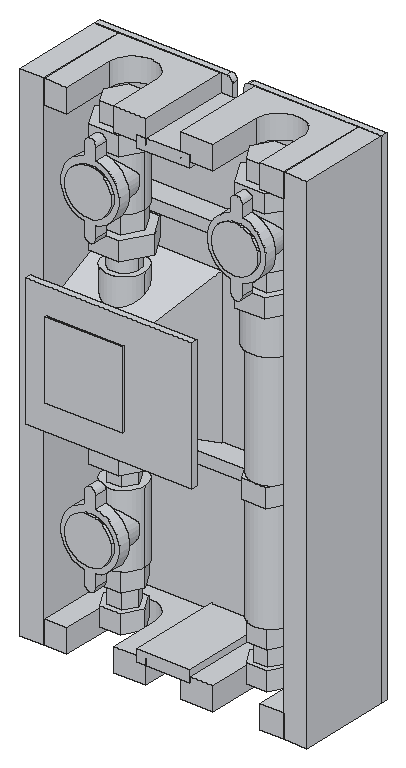
Revit family "330_8a6c91d07f81446b859301ba4aecb0", category Mechanical Equipment, Revit 2022
Family settings
  Round Connector Dimension = Use Diameter
  Classification = None
  Part Type = Normal
  Work Plane-Based = No
  Always vertical = Yes
  Cut with Voids When Loaded = No
  Maintain Annotation Orientation = No
  Shared = No
  Room Calculation Point = No
Parameters (values of type "2171 1180EA")
  magiProductId = "8a6c91d07f81446b859301ba4aecb0"
  magiProductFamilyId = "8a6c91d07f81446b859301ba4aecb0"
  magiPartTypeId = 330
  XC = 62.5 mm
  WL = 225 mm
  W2L__ve = -W2L  # -80 mm
  W2L = 80 mm
  W2 = 85 mm
  W = 170 mm
  VersionID = "2.0/2019.5.23.1/FAR_2171_001"
  R25 = 25.5 mm
  R2 = 12.5 mm
  R15 = 17.5 mm
  R13 = 20.5 mm
  R1 = 12.5 mm
  QmdConnectorList = "301;P2;302;P2;303;P1;304;P1"
  Productdata [instance] = "© MagiCAD Group, all rights reserved"
  PL = 48.571 mm
  P2 = 25 mm
  P1 = 25 mm
  Manufacturer = "FAR"
  MC Shunt Valve Configuration = 0
  MC Shunt Control Valve Location = 0
  MC Product Code = "2171 1180EA"
  MC Primary Sizing Flow [instance] = 0.0 L/s
  MC Primary Given Pressure Drop [instance] = 0.0 Pa
  MC Piping Secondary Pressure Drop [instance] = 0.0 Pa
  MC Piping Secondary Flow [instance] = 0.0 L/s
  MC Piping Flow [instance] = 0.0 L/s
  MC Control Valve kv [instance] = 0
  MC Control Valve Pressure Drop [instance] = 0.0 Pa
  MC Balancing Valve kv [instance] = 0
  MC Balancing Valve Pressure Drop [instance] = 0.0 Pa
  MC Adjustable Valve kv for min dp [instance] = 0
  MC Adjustable Valve kv for max dp [instance] = 0
  MC Adjustable Valve Min Pressure Drop [instance] = 0.0 Pa
  MC Adjustable Valve Max Pressure Drop [instance] = 0.0 Pa
  LH92 = 24.111 mm
  LH9 = 48.222 mm
  LH62 = 31 mm
  LH61 = 94 mm
  LH6 = 62 mm
  LH48 = 141.778 mm
  LH44 = 111.778 mm
  LH42 = 65.889 mm
  LH4 = 131.778 mm
  L5 = 5 mm
  L45 = 45 mm
  L30 = 32 mm
  L22__ve = -L22  # -5 mm
  L222__ve = -L222  # -2 mm
  L222 = 2 mm
  L22 = 5 mm
  L20__ve = -L20  # -20 mm
  L20 = 20 mm
  L2 = 122.5 mm
  L15 = 16 mm
  L10__ve = -L10  # -10 mm
  L10 = 10 mm
  L = 245 mm
  KH = 15 mm
  H2 = 217 mm
  H = 434 mm
  Description = "Booster unit, high eff. pump 1-8 m, shut-off valves, 180 mm"
  Default Elevation = 0 mm
  CenSd_R25_6 = R25 * cos(30.00°)  # 22.084 mm
  CenSd_R1_6 = R1 * cos(30.00°)  # 10.825 mm
  CenSd_R15_6 = R15 * cos(30.00°)  # 15.155 mm
  CenSd_R13_6 = R13 * cos(30.00°)  # 17.754 mm
  CAT0 = yes
  CAT = no
Reference planes
  plane 1 "Center (Front/Back)": y = 0
  plane 2 "XYPLANE": z = 0
  plane 3 "Center (Left/Right)": x = 0
  plane 4 "360": z = 201
  plane 5 "359": z = 56.778
  plane 6 "358": y = -85
  plane 7 "350": z = -70
  plane 8 "347": z = 109.778
  plane 9 "342": x = 15
  plane 10 "341": x = 82.5
  plane 11 "340": x = 42.5
  plane 12 "339": x = 102.5
  plane 13 "331": y = -40
  plane 14 "330": y = -5
  plane 15 "329": y = -85
  plane 16 "328": x = -82.5
  plane 17 "327": x = -42.5
  plane 18 "326": x = -15
  plane 19 "325": x = -102.5
  plane 20 "323": x = 112.5
  plane 21 "319": y = -5
  plane 22 "318": x = -112.5
  plane 23 "315": z = -157
  plane 24 "314": z = -147
  plane 25 "313": z = -87
  plane 26 "312": z = -97
  plane 27 "311": z = -122
  plane 28 "304": x = 57.5
  plane 29 "303": x = 67.5
  plane 30 "296": y = -85
  plane 31 "290": z = 109.889
  plane 32 "289": z = 179.889
  plane 33 "288": z = 144.889
  plane 34 "287": x = -67.5
  plane 35 "286": x = -57.5
  plane 36 "285": z = 119.889
  plane 37 "284": z = 169.889
  plane 38 "281": y = -90
  plane 39 "277": x = -42.5
  plane 40 "274": y = -75
  plane 41 "272": z = 6.889
  plane 42 "271": y = -15
  plane 43 "243": z = 88.778
  plane 44 "240": z = 185
  plane 45 "239": z = 169
  plane 46 "238": z = 120.778
  plane 47 "231": z = 104.778
  plane 48 "228": z = 72.778
  plane 49 "225": z = -59
  plane 50 "222": z = -75
  plane 51 "219": z = -153
  plane 52 "216": z = -91
  plane 53 "215": z = -169
  plane 54 "210": z = -185
  plane 55 "207": z = -201
  plane 56 "202": x = -5
  plane 57 "201": x = 5
  plane 58 "200": x = 122.5
  plane 59 "199": z = -197
  plane 60 "198": z = 197
  plane 61 "126": y = -48.571
  plane 62 "121": x = 62.5
  plane 63 "116": x = -62.5
  plane 64 "84": z = -217
  plane 65 "83": z = 217
  plane 66 "82": x = -122.5
  plane 67 "43": y = 0
  plane 68 "42": x = 0
  plane 69 "41": z = 0
Forms (mm)
  Extrusion 1, solid
    sketch origin (750, -5, 0) x (-1, 0, 0) y (0, 0, 1)
      loop
        line (727.5, -192) -> (727.5, -202) -> (772.5, -202) -> (772.5, -192) -> (727.5, -192)
    from 0 to -80 <- "W2L__ve"
  Extrusion 2, solid
    sketch origin (750, -5, 0) x (-1, 0, 0) y (0, 0, 1)
      loop
        line (727.5, 202) -> (727.5, 192) -> (772.5, 192) -> (772.5, 202) -> (727.5, 202)
    from 0 to -80 <- "W2L__ve"
  Extrusion 3, solid
    sketch origin (750, -5, 0) x (-1, 0, 0) y (0, 0, 1)
      loop
        line (862.5, -65) -> (637.5, -65) -> (637.5, -75) -> (862.5, -75) -> (862.5, -65)
    from 0 to -20 <- "L20__ve"
  Extrusion 4, solid
    sketch origin (750, -5, 0) x (-1, 0, 0) y (0, 0, 1)
      loop
        line (862.5, 114.778) -> (637.5, 114.778) -> (637.5, 104.778) -> (862.5, 104.778) -> (862.5, 114.778)
    from 0 to -20 <- "L20__ve"
  Extrusion 5, solid
    sketch origin (-750, 0, -217) x (1, 0, 0) y (0, 1, 0)
      loop
        line (765, -5) -> (765, -85) -> (792.5, -85) -> (792.5, -40)
        arc (792.5, -40) -> (812.5, -20) -> (832.5, -40) r 20
        line (832.5, -40) -> (832.5, -85) -> (852.5, -85) -> (852.5, -5) -> (765, -5)
    from 0 to 20 <- "L20"
  Extrusion 6, solid
    sketch origin (-750, 0, 217) x (1, 0, 0) y (0, 1, 0)
      loop
        line (765, -5) -> (765, -85) -> (792.5, -85) -> (792.5, -40)
        arc (792.5, -40) -> (812.5, -20) -> (832.5, -40) r 20
        line (832.5, -40) -> (832.5, -85) -> (852.5, -85) -> (852.5, -5) -> (765, -5)
    from 0 to -20 <- "L20__ve"
  Extrusion 7, solid
    sketch origin (-750, 0, -217) x (1, 0, 0) y (0, 1, 0)
      loop
        line (647.5, -5) -> (647.5, -85) -> (667.5, -85) -> (667.5, -40)
        arc (667.5, -40) -> (687.5, -20) -> (707.5, -40) r 20
        line (707.5, -40) -> (707.5, -85) -> (735, -85) -> (735, -5) -> (647.5, -5)
    from 0 to 20 <- "L20"
  Extrusion 8, solid
    sketch origin (-750, 0, 217) x (1, 0, 0) y (0, 1, 0)
      loop
        line (647.5, -5) -> (647.5, -85) -> (667.5, -85) -> (667.5, -40)
        arc (667.5, -40) -> (687.5, -20) -> (707.5, -40) r 20
        line (707.5, -40) -> (707.5, -85) -> (735, -85) -> (735, -5) -> (647.5, -5)
    from 0 to -20 <- "L20__ve"
  Extrusion 9, solid
    sketch origin (750, -5, 0) x (-1, 0, 0) y (0, 0, 1)
      loop
        line (627.5, 217) -> (627.5, -217) -> (647.5, -217) -> (647.5, 217) -> (627.5, 217)
    from 0 to -80 <- "W2L__ve"
  Extrusion 10, solid
    sketch origin (750, -5, 0) x (-1, 0, 0) y (0, 0, 1)
      loop
        line (852.5, 217) -> (852.5, -217) -> (872.5, -217) -> (872.5, 217) -> (852.5, 217)
    from 0 to -80 <- "W2L__ve"
  Extrusion 11, solid
    sketch origin (750, -75, 0) x (-1, 0, 0) y (0, 0, 1)
      loop
        line (817.5, -157) -> (817.5, -147)
        arc (817.5, -147) -> (837.5, -122) -> (817.5, -97) r 25.625
        line (817.5, -97) -> (817.5, -87)
        arc (817.5, -87) -> (812.5, -82) -> (807.5, -87) r 5
        line (807.5, -87) -> (807.5, -97)
        arc (807.5, -97) -> (787.5, -122) -> (807.5, -147) r 25.625
        line (807.5, -147) -> (807.5, -157)
        arc (807.5, -157) -> (812.5, -162) -> (817.5, -157) r 5
    from 0 to -10 <- "L10__ve"
  Extrusion 12, solid
    sketch origin (750, -75, 0) x (-1, 0, 0) y (0, 0, 1)
      loop
        circle (812.5, -122) r 17.5
    from 0 to 20 <- "L20"
  Extrusion 13, solid
    sketch origin (750, -85, 0) x (-1, 0, 0) y (0, 0, 1)
      loop
        circle (812.5, -122) r 20
    from 0 to -2 <- "L222__ve"
  Extrusion 14, solid
    sketch origin (750, -75, 0) x (-1, 0, 0) y (0, 0, 1)
      loop
        line (692.5, 109.889) -> (692.5, 119.889)
        arc (692.5, 119.889) -> (712.5, 144.889) -> (692.5, 169.889) r 25.625
        line (692.5, 169.889) -> (692.5, 179.889)
        arc (692.5, 179.889) -> (687.5, 184.889) -> (682.5, 179.889) r 5
        line (682.5, 179.889) -> (682.5, 169.889)
        arc (682.5, 169.889) -> (662.5, 144.889) -> (682.5, 119.889) r 25.625
        line (682.5, 119.889) -> (682.5, 109.889)
        arc (682.5, 109.889) -> (687.5, 104.889) -> (692.5, 109.889) r 5
    from 0 to -10 <- "L10__ve"
  Extrusion 15, solid
    sketch origin (750, -75, 0) x (-1, 0, 0) y (0, 0, 1)
      loop
        circle (687.5, 144.889) r 17.5
    from 0 to 20 <- "L20"
  Extrusion 16, solid
    sketch origin (750, -85, 0) x (-1, 0, 0) y (0, 0, 1)
      loop
        circle (687.5, 144.889) r 20
    from 0 to -2 <- "L222__ve"
  Extrusion 17, solid
    sketch origin (750, -85, 0) x (-1, 0, 0) y (0, 0, 1)
      loop
        circle (812.5, 144.889) r 20
    from 0 to -2 <- "L222__ve"
  Extrusion 18, solid
    sketch origin (750, -75, 0) x (-1, 0, 0) y (0, 0, 1)
      loop
        circle (812.5, 144.889) r 17.5
    from 0 to 20 <- "L20"
  Extrusion 19, solid
    sketch origin (750, -75, 0) x (-1, 0, 0) y (0, 0, 1)
      loop
        line (817.5, 109.889) -> (817.5, 119.889)
        arc (817.5, 119.889) -> (837.5, 144.889) -> (817.5, 169.889) r 25.625
        line (817.5, 169.889) -> (817.5, 179.889)
        arc (817.5, 179.889) -> (812.5, 184.889) -> (807.5, 179.889) r 5
        line (807.5, 179.889) -> (807.5, 169.889)
        arc (807.5, 169.889) -> (787.5, 144.889) -> (807.5, 119.889) r 25.625
        line (807.5, 119.889) -> (807.5, 109.889)
        arc (807.5, 109.889) -> (812.5, 104.889) -> (817.5, 109.889) r 5
    from 0 to -10 <- "L10__ve"
  Extrusion 20, solid
    sketch origin (750, -90, 0) x (-1, 0, 0) y (0, 0, 1)
      loop
        line (779.556, 39.833) -> (779.556, -26.056) -> (845.444, -26.056) -> (845.444, 39.833) -> (779.556, 39.833)
    from 0 to -2
  Extrusion 21, solid
    sketch origin (750, -85, 0) x (-1, 0, 0) y (0, 0, 1)
      loop
        line (721.611, 62.778) -> (721.611, -49) -> (863.389, -49) -> (863.389, 62.778) -> (721.611, 62.778)
    from 0 to -5 <- "L22__ve"
  Blend 22, solid
    base sketch origin (750, -15, 0) x (-1, 0, 0) y (0, 0, 1)
      loop
        line (756.611, 72.778) -> (756.611, -59) -> (868.389, -59) -> (868.389, 72.778) -> (756.611, 72.778)
    top sketch origin (750, -15, 0) x (-1, 0, 0) y (0, 0, 1)
      loop
        line (779.556, 39.833) -> (779.556, -26.056) -> (845.444, -26.056) -> (845.444, 39.833) -> (779.556, 39.833)
    from 0 to -70
  Extrusion 23, solid
    sketch origin (-750, 0, -201) x (1, 0, 0) y (0, 1, 0)
      loop
        line (830, -48.571) -> (821.25, -33.416) -> (803.75, -33.416) -> (795, -48.571) -> (803.75, -63.727) -> (821.25, -63.727) -> (830, -48.571)
    from 0 to 16 <- "L15"
  Extrusion 24, solid
    sketch origin (-750, 0, -185) x (1, 0, 0) y (0, 1, 0)
      loop
        line (825, -48.571) -> (818.75, -37.746) -> (806.25, -37.746) -> (800, -48.571) -> (806.25, -59.397) -> (818.75, -59.397) -> (825, -48.571)
    from 0 to 16 <- "L15"
  Extrusion 25, solid
    sketch origin (-750, 0, -169) x (1, 0, 0) y (0, 1, 0)
      loop
        line (830, -48.571) -> (821.25, -33.416) -> (803.75, -33.416) -> (795, -48.571) -> (803.75, -63.727) -> (821.25, -63.727) -> (830, -48.571)
    from 0 to 16 <- "L15"
  Extrusion 26, solid
    sketch origin (-750, 0, -153) x (1, 0, 0) y (0, 1, 0)
      loop
        circle (812.5, -48.571) r 17.5
    from 0 to 94 <- "LH61"
  Extrusion 27, solid
    sketch origin (-750, 0, -59) x (1, 0, 0) y (0, 1, 0)
      loop
        line (833, -48.571) -> (822.75, -30.818) -> (802.25, -30.818) -> (792, -48.571) -> (802.25, -66.325) -> (822.75, -66.325) -> (833, -48.571)
    from 0 to 16 <- "L15"
  Extrusion 28, solid
    sketch origin (-750, 0, -59) x (1, 0, 0) y (0, 1, 0)
      loop
        circle (812.5, -48.571) r 17.5
    from 0 to 131.778 <- "LH4"
  Extrusion 29, solid
    sketch origin (-750, 0, 88.778) x (1, 0, 0) y (0, 1, 0)
      loop
        line (838, -48.571) -> (825.25, -26.488) -> (799.75, -26.488) -> (787, -48.571) -> (799.75, -70.655) -> (825.25, -70.655) -> (838, -48.571)
    from 0 to 16 <- "L15"
  Extrusion 30, solid
    sketch origin (-750, 0, 104.778) x (1, 0, 0) y (0, 1, 0)
      loop
        line (830, -48.571) -> (821.25, -33.416) -> (803.75, -33.416) -> (795, -48.571) -> (803.75, -63.727) -> (821.25, -63.727) -> (830, -48.571)
    from 0 to 16 <- "L15"
  Extrusion 31, solid
    sketch origin (-750, 0, 185) x (1, 0, 0) y (0, 1, 0)
      loop
        line (830, -48.571) -> (821.25, -33.416) -> (803.75, -33.416) -> (795, -48.571) -> (803.75, -63.727) -> (821.25, -63.727) -> (830, -48.571)
    from 0 to 16 <- "L15"
  Extrusion 32, solid
    sketch origin (-750, 0, 169) x (1, 0, 0) y (0, 1, 0)
      loop
        line (838, -48.571) -> (825.25, -26.488) -> (799.75, -26.488) -> (787, -48.571) -> (799.75, -70.655) -> (825.25, -70.655) -> (838, -48.571)
    from 0 to 16 <- "L15"
  Extrusion 33, solid
    sketch origin (-750, 0, 120.778) x (1, 0, 0) y (0, 1, 0)
      loop
        circle (812.5, -48.571) r 17.5
    from 0 to 48.222 <- "LH9"
  Extrusion 34, solid
    sketch origin (-750, 0, 56.778) x (1, 0, 0) y (0, 1, 0)
      loop
        circle (812.5, -48.571) r 20.5
    from 0 to 32 <- "L30"
  Extrusion 35, solid
    sketch origin (-750, 0, 72.778) x (1, 0, 0) y (0, 1, 0)
      loop
        circle (687.5, -48.571) r 12.5
    from 0 to 16 <- "L15"
  Extrusion 36, solid
    sketch origin (-750, 0, 120.778) x (1, 0, 0) y (0, 1, 0)
      loop
        circle (687.5, -48.571) r 17.5
    from 0 to 48.222 <- "LH9"
  Extrusion 37, solid
    sketch origin (-750, 0, 169) x (1, 0, 0) y (0, 1, 0)
      loop
        line (713, -48.571) -> (700.25, -26.488) -> (674.75, -26.488) -> (662, -48.571) -> (674.75, -70.655) -> (700.25, -70.655) -> (713, -48.571)
    from 0 to 16 <- "L15"
  Extrusion 38, solid
    sketch origin (-750, 0, 185) x (1, 0, 0) y (0, 1, 0)
      loop
        line (705, -48.571) -> (696.25, -33.416) -> (678.75, -33.416) -> (670, -48.571) -> (678.75, -63.727) -> (696.25, -63.727) -> (705, -48.571)
    from 0 to 16 <- "L15"
  Extrusion 39, solid
    sketch origin (-750, 0, 104.778) x (1, 0, 0) y (0, 1, 0)
      loop
        line (705, -48.571) -> (696.25, -33.416) -> (678.75, -33.416) -> (670, -48.571) -> (678.75, -63.727) -> (696.25, -63.727) -> (705, -48.571)
    from 0 to 16 <- "L15"
  Extrusion 40, solid
    sketch origin (-750, 0, 88.778) x (1, 0, 0) y (0, 1, 0)
      loop
        line (713, -48.571) -> (700.25, -26.488) -> (674.75, -26.488) -> (662, -48.571) -> (674.75, -70.655) -> (700.25, -70.655) -> (713, -48.571)
    from 0 to 16 <- "L15"
  Extrusion 41, solid
    sketch origin (-750, 0, -59) x (1, 0, 0) y (0, 1, 0)
      loop
        circle (687.5, -48.571) r 17.5
    from 0 to 131.778 <- "LH4"
  Extrusion 42, solid
    sketch origin (-750, 0, -75) x (1, 0, 0) y (0, 1, 0)
      loop
        line (713, -48.571) -> (700.25, -26.488) -> (674.75, -26.488) -> (662, -48.571) -> (674.75, -70.655) -> (700.25, -70.655) -> (713, -48.571)
    from 0 to 16 <- "L15"
  Extrusion 43, solid
    sketch origin (-750, 0, -91) x (1, 0, 0) y (0, 1, 0)
      loop
        line (700, -48.571) -> (693.75, -37.746) -> (681.25, -37.746) -> (675, -48.571) -> (681.25, -59.397) -> (693.75, -59.397) -> (700, -48.571)
    from 0 to 16 <- "L15"
  Extrusion 44, solid
    sketch origin (-750, 0, -153) x (1, 0, 0) y (0, 1, 0)
      loop
        circle (687.5, -48.571) r 17.5
    from 0 to 62 <- "LH6"
  Extrusion 45, solid
    sketch origin (-750, 0, -169) x (1, 0, 0) y (0, 1, 0)
      loop
        line (705, -48.571) -> (696.25, -33.416) -> (678.75, -33.416) -> (670, -48.571) -> (678.75, -63.727) -> (696.25, -63.727) -> (705, -48.571)
    from 0 to 16 <- "L15"
  Extrusion 46, solid
    sketch origin (-750, 0, -185) x (1, 0, 0) y (0, 1, 0)
      loop
        line (700, -48.571) -> (693.75, -37.746) -> (681.25, -37.746) -> (675, -48.571) -> (681.25, -59.397) -> (693.75, -59.397) -> (700, -48.571)
    from 0 to 16 <- "L15"
  Extrusion 47, solid
    sketch origin (-750, 0, -201) x (1, 0, 0) y (0, 1, 0)
      loop
        line (705, -48.571) -> (696.25, -33.416) -> (678.75, -33.416) -> (670, -48.571) -> (678.75, -63.727) -> (696.25, -63.727) -> (705, -48.571)
    from 0 to 16 <- "L15"
  Extrusion 48, solid
    sketch origin (750, 0, 0) x (-1, 0, 0) y (0, 0, 1)
      loop
        line (872.5, 217) -> (760, 217)
        arc (760, 217) -> (756.464, 215.536) -> (755, 212) r 5
        line (755, 212) -> (755, 197) -> (745, 197) -> (745, 212)
        arc (745, 212) -> (743.536, 215.536) -> (740, 217) r 5
        line (740, 217) -> (627.5, 217) -> (627.5, -217) -> (740, -217)
        arc (740, -217) -> (743.536, -215.536) -> (745, -212) r 5
        line (745, -212) -> (745, -197) -> (755, -197) -> (755, -212)
        arc (755, -212) -> (756.464, -215.536) -> (760, -217) r 5
        line (760, -217) -> (872.5, -217) -> (872.5, 217)
    from 0 to -5 <- "L22__ve"
  Extrusion 49, solid, not visible
    sketch origin (-750, 0, -201) x (1, 0, 0) y (0, 1, 0)
      loop
        circle (812.5, -48.571) r 10
    from 0 to 10
  Extrusion 50, solid, not visible
    sketch origin (-750, 0, -201) x (1, 0, 0) y (0, 1, 0)
      loop
        circle (687.5, -48.571) r 10
    from 0 to 10
  Extrusion 51, solid, not visible
    sketch origin (-750, 0, 201) x (1, 0, 0) y (0, 1, 0)
      loop
        circle (812.5, -48.571) r 10
    from 0 to -10
  Extrusion 52, solid, not visible
    sketch origin (-750, 0, 201) x (1, 0, 0) y (0, 1, 0)
      loop
        circle (687.5, -48.571) r 10
    from 0 to -10
Lines and regions (mm)
  reference lines, not visible
    curve 1: circle (2, 2, 0) r 1 normal (0, 0, 1)
  reference lines
    curve 2: circle (0, -5, -197) r 1 normal (0, -1, 0)
    curve 3: circle (0, -5, 197) r 1 normal (0, -1, 0)
    curve 4: circle (0, -5, -70) r 1 normal (0, -1, 0)
    curve 5: circle (0, -5, 109.778) r 1 normal (0, -1, 0)
    curve 6: line (82.5, -40, -217) -> (42.5, -40, -217)
    curve 7: line (82.5, -40, 217) -> (42.5, -40, 217)
    curve 8: line (-42.5, -40, -217) -> (-82.5, -40, -217)
    curve 9: line (-42.5, -40, 217) -> (-82.5, -40, 217)
    curve 10: circle (112.5, -5, 0) r 1 normal (0, -1, 0)
    curve 11: circle (-112.5, -5, 0) r 1 normal (0, -1, 0)
    curve 12: line (-67.5, -75, -157) -> (-57.5, -75, -157)
    curve 13: line (-57.5, -75, -147) -> (-57.5, -75, -97)
    curve 14: line (-57.5, -75, -87) -> (-67.5, -75, -87)
    curve 15: line (-67.5, -75, -97) -> (-67.5, -75, -147)
    curve 16: line (57.5, -75, 109.889) -> (67.5, -75, 109.889)
    curve 17: line (67.5, -75, 119.889) -> (67.5, -75, 169.889)
    curve 18: line (67.5, -75, 179.889) -> (57.5, -75, 179.889)
    curve 19: line (57.5, -75, 169.889) -> (57.5, -75, 119.889)
    curve 20: line (-67.5, -75, 109.889) -> (-57.5, -75, 109.889)
    curve 21: line (-57.5, -75, 119.889) -> (-57.5, -75, 169.889)
    curve 22: line (-57.5, -75, 179.889) -> (-67.5, -75, 179.889)
    curve 23: line (-67.5, -75, 169.889) -> (-67.5, -75, 119.889)
    curve 24: circle (-62.5, -90, 6.889) r 1 normal (0, -1, 0)
    curve 25: circle (-42.5, -85, 6.889) r 1 normal (0, -1, 0)
    curve 26: circle (-62.5, -15, 6.889) r 1 normal (0, 1, 0)
    curve 27: circle (-62.5, -15, 6.889) r 1 normal (0, -1, 0)
    curve 28: line (62.5, -48.571, -201) -> (58.125, -40.994, -201)
    curve 29: line (62.5, -48.571, -201) -> (53.75, -48.571, -201)
    curve 30: line (62.5, -48.571, -201) -> (58.125, -56.149, -201)
    curve 31: line (62.5, -48.571, -185) -> (59.375, -43.159, -185)
    curve 32: line (62.5, -48.571, -185) -> (56.25, -48.571, -185)
    curve 33: line (62.5, -48.571, -185) -> (59.375, -53.984, -185)
    curve 34: line (62.5, -48.571, -169) -> (58.125, -40.994, -169)
    curve 35: line (62.5, -48.571, -169) -> (53.75, -48.571, -169)
    curve 36: line (62.5, -48.571, -169) -> (58.125, -56.149, -169)
    curve 37: line (62.5, -48.571, -59) -> (57.375, -39.695, -59)
    curve 38: line (62.5, -48.571, -59) -> (52.25, -48.571, -59)
    curve 39: line (62.5, -48.571, -59) -> (57.375, -57.448, -59)
    curve 40: line (62.5, -48.571, 88.778) -> (56.125, -37.53, 88.778)
    curve 41: line (62.5, -48.571, 88.778) -> (49.75, -48.571, 88.778)
    curve 42: line (62.5, -48.571, 88.778) -> (56.125, -59.613, 88.778)
    curve 43: line (62.5, -48.571, 104.778) -> (58.125, -40.994, 104.778)
    curve 44: line (62.5, -48.571, 104.778) -> (53.75, -48.571, 104.778)
    curve 45: line (62.5, -48.571, 104.778) -> (58.125, -56.149, 104.778)
    curve 46: line (62.5, -48.571, 185) -> (58.125, -40.994, 185)
    curve 47: line (62.5, -48.571, 185) -> (53.75, -48.571, 185)
    curve 48: line (62.5, -48.571, 185) -> (58.125, -56.149, 185)
    curve 49: line (62.5, -48.571, 169) -> (56.125, -37.53, 169)
    curve 50: line (62.5, -48.571, 169) -> (49.75, -48.571, 169)
    curve 51: line (62.5, -48.571, 169) -> (56.125, -59.613, 169)
    curve 52: line (-62.5, -48.571, 169) -> (-68.875, -37.53, 169)
    curve 53: line (-62.5, -48.571, 169) -> (-75.25, -48.571, 169)
    curve 54: line (-62.5, -48.571, 169) -> (-68.875, -59.613, 169)
    curve 55: line (-62.5, -48.571, 185) -> (-66.875, -40.994, 185)
    curve 56: line (-62.5, -48.571, 185) -> (-71.25, -48.571, 185)
    curve 57: line (-62.5, -48.571, 185) -> (-66.875, -56.149, 185)
    curve 58: line (-62.5, -48.571, 104.778) -> (-66.875, -40.994, 104.778)
    curve 59: line (-62.5, -48.571, 104.778) -> (-71.25, -48.571, 104.778)
    curve 60: line (-62.5, -48.571, 104.778) -> (-66.875, -56.149, 104.778)
    curve 61: line (-62.5, -48.571, 88.778) -> (-68.875, -37.53, 88.778)
    curve 62: line (-62.5, -48.571, 88.778) -> (-75.25, -48.571, 88.778)
    curve 63: line (-62.5, -48.571, 88.778) -> (-68.875, -59.613, 88.778)
    curve 64: line (-62.5, -48.571, -75) -> (-68.875, -37.53, -75)
    curve 65: line (-62.5, -48.571, -75) -> (-75.25, -48.571, -75)
    curve 66: line (-62.5, -48.571, -75) -> (-68.875, -59.613, -75)
    curve 67: line (-62.5, -48.571, -91) -> (-65.625, -43.159, -91)
    curve 68: line (-62.5, -48.571, -91) -> (-68.75, -48.571, -91)
    curve 69: line (-62.5, -48.571, -91) -> (-65.625, -53.984, -91)
    curve 70: line (-62.5, -48.571, -169) -> (-66.875, -40.994, -169)
    curve 71: line (-62.5, -48.571, -169) -> (-71.25, -48.571, -169)
    curve 72: line (-62.5, -48.571, -169) -> (-66.875, -56.149, -169)
    curve 73: line (-62.5, -48.571, -185) -> (-65.625, -43.159, -185)
    curve 74: line (-62.5, -48.571, -185) -> (-68.75, -48.571, -185)
    curve 75: line (-62.5, -48.571, -185) -> (-65.625, -53.984, -185)
    curve 76: line (-62.5, -48.571, -201) -> (-66.875, -40.994, -201)
    curve 77: line (-62.5, -48.571, -201) -> (-71.25, -48.571, -201)
    curve 78: line (-62.5, -48.571, -201) -> (-66.875, -56.149, -201)
Dimensions and locks
  plane 1 "Center (Front/Back)" to curve 1 = 2 mm
  "L15": plane 44 "240" to plane 4 "360"
  "L15": plane 48 "228" to plane 5 "359"
  locked: plane 42 "271" to plane 6 "358" at 70
  "L5": plane 50 "222" to plane 7 "350"
  "L5": plane 47 "231" to plane 8 "347"
  "L10": plane 57 "201" to plane 9 "342"
  "L20": plane 62 "121" to plane 10 "341"
  "L20": plane 62 "121" to plane 11 "340"
  "L10": plane 20 "323" to plane 12 "339"
  "L45": plane 15 "329" to plane 13 "331"
  "L22": plane 67 "43" to plane 14 "330"
  "W2L": plane 14 "330" to plane 15 "329"
  "L20": plane 63 "116" to plane 16 "328"
  "L20": plane 63 "116" to plane 17 "327"
  "L10": plane 56 "202" to plane 18 "326"
  "L10": plane 22 "318" to plane 19 "325"
  "L10": plane 58 "200" to plane 20 "323"
  "L22": plane 67 "43" to plane 21 "319"
  "L10": plane 66 "82" to plane 22 "318"
  locked: plane 24 "314" to plane 23 "315" at 10
  locked: plane 27 "311" to plane 24 "314" at 25
  locked: plane 26 "312" to plane 25 "313" at 10
  locked: plane 27 "311" to plane 26 "312" at 25
  "LH62": plane 51 "219" to plane 27 "311"
  locked: plane 62 "121" to plane 28 "304" at 5
  locked: plane 62 "121" to plane 29 "303" at 5
  "L10": plane 40 "274" to plane 30 "296"
  "L10": plane 36 "285" to plane 31 "290"
  locked: plane 37 "284" to plane 32 "289" at 10
  "LH92": plane 46 "238" to plane 33 "288"
  locked: plane 63 "116" to plane 34 "287" at 5
  locked: plane 63 "116" to plane 35 "286" at 5
  locked: plane 33 "288" to plane 36 "285" at 25
  locked: plane 33 "288" to plane 37 "284" at 25
  "L22": plane 6 "358" to plane 38 "281"
  locked: plane 63 "116" to plane 39 "277" at 20
  locked: plane 42 "271" to plane 40 "274" at 60
  "LH42": plane 49 "225" to plane 41 "272"
  locked: plane 1 "Center (Front/Back)" to plane 42 "271" at 15
  "L15": plane 48 "228" to plane 43 "243"
  "L15": plane 45 "239" to plane 44 "240"
  "LH9": plane 46 "238" to plane 45 "239"
  "L15": plane 47 "231" to plane 46 "238"
  "L15": plane 43 "243" to plane 47 "231"
  "LH4": plane 49 "225" to plane 48 "228"
  "L15": plane 50 "222" to plane 49 "225"
  "L15": plane 52 "216" to plane 50 "222"
  "L15": plane 53 "215" to plane 51 "219"
  "LH6": plane 51 "219" to plane 52 "216"
  "L15": plane 54 "210" to plane 53 "215"
  "L15": plane 55 "207" to plane 54 "210"
  "L15": plane 64 "84" to plane 55 "207"
  "L5": plane 3 "Center (Left/Right)" to plane 56 "202"
  "L5": plane 3 "Center (Left/Right)" to plane 57 "201"
  "L2": plane 3 "Center (Left/Right)" to plane 58 "200"
  locked: plane 64 "84" to plane 59 "199" at 20
  locked: plane 65 "83" to plane 60 "198" at 20
  "PL": plane 1 "Center (Front/Back)" to plane 61 "126"
  "XC": plane 3 "Center (Left/Right)" to plane 62 "121"
  "XC": plane 3 "Center (Left/Right)" to plane 63 "116"
  "H2": plane 2 "XYPLANE" to plane 64 "84"
  "H2": plane 2 "XYPLANE" to plane 65 "83"
  "L2": plane 3 "Center (Left/Right)" to plane 66 "82"
  locked: plane 1 "Center (Front/Back)" to plane 67 "43"
  locked: plane 3 "Center (Left/Right)" to plane 68 "42"
  locked: plane 2 "XYPLANE" to plane 69 "41"
  equal spacing: Extrusion 1 sketch curve, curve 2, Extrusion 1 sketch curve  (x2)
  "L10": Extrusion 1 sketch curve to Extrusion 1 sketch curve
  "L45": Extrusion 1 sketch curve to Extrusion 1 sketch curve
  Extrusion 1 sketch curve to Extrusion 1 sketch curve = 0 mm  (x8)
  equal spacing: Extrusion 2 sketch curve, curve 3, Extrusion 2 sketch curve  (x2)
  "L10": Extrusion 2 sketch curve to Extrusion 2 sketch curve
  "L45": Extrusion 2 sketch curve to Extrusion 2 sketch curve
  Extrusion 2 sketch curve to Extrusion 2 sketch curve = 0 mm  (x8)
  equal spacing: Extrusion 3 sketch curve, curve 4, Extrusion 3 sketch curve  (x2)
  "WL": Extrusion 3 sketch curve to Extrusion 3 sketch curve
  "L10": Extrusion 3 sketch curve to Extrusion 3 sketch curve
  Extrusion 3 sketch curve to Extrusion 3 sketch curve = 0 mm  (x8)
  equal spacing: Extrusion 4 sketch curve, curve 5, Extrusion 4 sketch curve  (x2)
  "WL": Extrusion 4 sketch curve to Extrusion 4 sketch curve
  "L10": Extrusion 4 sketch curve to Extrusion 4 sketch curve
  Extrusion 4 sketch curve to Extrusion 4 sketch curve = 0 mm  (x8)
  "L20": curve 6 to Extrusion 5 sketch curve
  Extrusion 5 sketch curve to Extrusion 5 sketch curve = 0 mm  (x16)
  "L20": curve 7 to Extrusion 6 sketch curve
  Extrusion 6 sketch curve to Extrusion 6 sketch curve = 0 mm  (x16)
  "L20": curve 8 to Extrusion 7 sketch curve
  Extrusion 7 sketch curve to Extrusion 7 sketch curve = 0 mm  (x16)
  "L20": curve 9 to Extrusion 8 sketch curve
  Extrusion 8 sketch curve to Extrusion 8 sketch curve = 0 mm  (x16)
  equal spacing: Extrusion 9 sketch curve, curve 10, Extrusion 9 sketch curve  (x2)
  "H": Extrusion 9 sketch curve to Extrusion 9 sketch curve
  "L20": Extrusion 9 sketch curve to Extrusion 9 sketch curve
  Extrusion 9 sketch curve to Extrusion 9 sketch curve = 0 mm  (x8)
  equal spacing: Extrusion 10 sketch curve, curve 11, Extrusion 10 sketch curve  (x2)
  "H": Extrusion 10 sketch curve to Extrusion 10 sketch curve
  "L20": Extrusion 10 sketch curve to Extrusion 10 sketch curve
  Extrusion 10 sketch curve to Extrusion 10 sketch curve = 0 mm  (x8)
  "L5": curve 12 to Extrusion 11 sketch curve
  "L20": curve 13 to Extrusion 11 sketch curve
  "L5": curve 14 to Extrusion 11 sketch curve
  "L20": curve 15 to Extrusion 11 sketch curve
  Extrusion 11 sketch curve to Extrusion 11 sketch curve = 0 mm  (x16)
  "L5": curve 16 to Extrusion 14 sketch curve
  "L20": curve 17 to Extrusion 14 sketch curve
  "L5": curve 18 to Extrusion 14 sketch curve
  "L20": curve 19 to Extrusion 14 sketch curve
  Extrusion 14 sketch curve to Extrusion 14 sketch curve = 0 mm  (x16)
  "L5": curve 20 to Extrusion 19 sketch curve
  "L20": curve 21 to Extrusion 19 sketch curve
  "L5": curve 22 to Extrusion 19 sketch curve
  "L20": curve 23 to Extrusion 19 sketch curve
  Extrusion 19 sketch curve to Extrusion 19 sketch curve = 0 mm  (x16)
  equal spacing: Extrusion 20 sketch curve, curve 24, Extrusion 20 sketch curve  (x2)
  "LH42": Extrusion 20 sketch curve to Extrusion 20 sketch curve  (x2)
  Extrusion 20 sketch curve to Extrusion 20 sketch curve = 0 mm  (x8)
  equal spacing: Extrusion 21 sketch curve, curve 25, Extrusion 21 sketch curve  (x2)
  "LH44": Extrusion 21 sketch curve to Extrusion 21 sketch curve
  "LH48": Extrusion 21 sketch curve to Extrusion 21 sketch curve
  Extrusion 21 sketch curve to Extrusion 21 sketch curve = 0 mm  (x8)
  equal spacing: Blend 22 sketch curve, curve 26, Blend 22 sketch curve  (x2)
  "LH42": Blend 22 sketch curve to Blend 22 sketch curve  (x2)
  Blend 22 sketch curve to Blend 22 sketch curve = 0 mm  (x16)
  equal spacing: Blend 22 sketch curve, curve 27, Blend 22 sketch curve  (x2)
  "LH4": Blend 22 sketch curve to Blend 22 sketch curve
  "LH44": Blend 22 sketch curve to Blend 22 sketch curve
  "CenSd_R15_6": curve 28 to Extrusion 23 sketch curve  (x2)
  "CenSd_R15_6": curve 29 to Extrusion 23 sketch curve  (x2)
  "CenSd_R15_6": curve 30 to Extrusion 23 sketch curve  (x2)
  Extrusion 23 sketch curve to Extrusion 23 sketch curve = 0 mm  (x12)
  "CenSd_R1_6": curve 31 to Extrusion 24 sketch curve  (x2)
  "CenSd_R1_6": curve 32 to Extrusion 24 sketch curve  (x2)
  "CenSd_R1_6": curve 33 to Extrusion 24 sketch curve  (x2)
  Extrusion 24 sketch curve to Extrusion 24 sketch curve = 0 mm  (x12)
  "CenSd_R15_6": curve 34 to Extrusion 25 sketch curve  (x2)
  "CenSd_R15_6": curve 35 to Extrusion 25 sketch curve  (x2)
  "CenSd_R15_6": curve 36 to Extrusion 25 sketch curve  (x2)
  Extrusion 25 sketch curve to Extrusion 25 sketch curve = 0 mm  (x12)
  "CenSd_R13_6": curve 37 to Extrusion 27 sketch curve  (x2)
  "CenSd_R13_6": curve 38 to Extrusion 27 sketch curve  (x2)
  "CenSd_R13_6": curve 39 to Extrusion 27 sketch curve  (x2)
  Extrusion 27 sketch curve to Extrusion 27 sketch curve = 0 mm  (x12)
  "CenSd_R25_6": curve 40 to Extrusion 29 sketch curve  (x2)
  "CenSd_R25_6": curve 41 to Extrusion 29 sketch curve  (x2)
  "CenSd_R25_6": curve 42 to Extrusion 29 sketch curve  (x2)
  Extrusion 29 sketch curve to Extrusion 29 sketch curve = 0 mm  (x12)
  "CenSd_R15_6": curve 43 to Extrusion 30 sketch curve  (x2)
  "CenSd_R15_6": curve 44 to Extrusion 30 sketch curve  (x2)
  "CenSd_R15_6": curve 45 to Extrusion 30 sketch curve  (x2)
  Extrusion 30 sketch curve to Extrusion 30 sketch curve = 0 mm  (x12)
  "CenSd_R15_6": curve 46 to Extrusion 31 sketch curve  (x2)
  "CenSd_R15_6": curve 47 to Extrusion 31 sketch curve  (x2)
  "CenSd_R15_6": curve 48 to Extrusion 31 sketch curve  (x2)
  Extrusion 31 sketch curve to Extrusion 31 sketch curve = 0 mm  (x12)
  "CenSd_R25_6": curve 49 to Extrusion 32 sketch curve  (x2)
  "CenSd_R25_6": curve 50 to Extrusion 32 sketch curve  (x2)
  "CenSd_R25_6": curve 51 to Extrusion 32 sketch curve  (x2)
  Extrusion 32 sketch curve to Extrusion 32 sketch curve = 0 mm  (x12)
  "CenSd_R25_6": curve 52 to Extrusion 37 sketch curve  (x2)
  "CenSd_R25_6": curve 53 to Extrusion 37 sketch curve  (x2)
  "CenSd_R25_6": curve 54 to Extrusion 37 sketch curve  (x2)
  Extrusion 37 sketch curve to Extrusion 37 sketch curve = 0 mm  (x12)
  "CenSd_R15_6": curve 55 to Extrusion 38 sketch curve  (x2)
  "CenSd_R15_6": curve 56 to Extrusion 38 sketch curve  (x2)
  "CenSd_R15_6": curve 57 to Extrusion 38 sketch curve  (x2)
  Extrusion 38 sketch curve to Extrusion 38 sketch curve = 0 mm  (x12)
  "CenSd_R15_6": curve 58 to Extrusion 39 sketch curve  (x2)
  "CenSd_R15_6": curve 59 to Extrusion 39 sketch curve  (x2)
  "CenSd_R15_6": curve 60 to Extrusion 39 sketch curve  (x2)
  Extrusion 39 sketch curve to Extrusion 39 sketch curve = 0 mm  (x12)
  "CenSd_R25_6": curve 61 to Extrusion 40 sketch curve  (x2)
  "CenSd_R25_6": curve 62 to Extrusion 40 sketch curve  (x2)
  "CenSd_R25_6": curve 63 to Extrusion 40 sketch curve  (x2)
  Extrusion 40 sketch curve to Extrusion 40 sketch curve = 0 mm  (x12)
  "CenSd_R25_6": curve 64 to Extrusion 42 sketch curve  (x2)
  "CenSd_R25_6": curve 65 to Extrusion 42 sketch curve  (x2)
  "CenSd_R25_6": curve 66 to Extrusion 42 sketch curve  (x2)
  Extrusion 42 sketch curve to Extrusion 42 sketch curve = 0 mm  (x12)
  "CenSd_R1_6": curve 67 to Extrusion 43 sketch curve  (x2)
  "CenSd_R1_6": curve 68 to Extrusion 43 sketch curve  (x2)
  "CenSd_R1_6": curve 69 to Extrusion 43 sketch curve  (x2)
  Extrusion 43 sketch curve to Extrusion 43 sketch curve = 0 mm  (x12)
  "CenSd_R15_6": curve 70 to Extrusion 45 sketch curve  (x2)
  "CenSd_R15_6": curve 71 to Extrusion 45 sketch curve  (x2)
  "CenSd_R15_6": curve 72 to Extrusion 45 sketch curve  (x2)
  Extrusion 45 sketch curve to Extrusion 45 sketch curve = 0 mm  (x12)
  "CenSd_R1_6": curve 73 to Extrusion 46 sketch curve  (x2)
  "CenSd_R1_6": curve 74 to Extrusion 46 sketch curve  (x2)
  "CenSd_R1_6": curve 75 to Extrusion 46 sketch curve  (x2)
  Extrusion 46 sketch curve to Extrusion 46 sketch curve = 0 mm  (x12)
  "CenSd_R15_6": curve 76 to Extrusion 47 sketch curve  (x2)
  "CenSd_R15_6": curve 77 to Extrusion 47 sketch curve  (x2)
  "CenSd_R15_6": curve 78 to Extrusion 47 sketch curve  (x2)
  Extrusion 47 sketch curve to Extrusion 47 sketch curve = 0 mm  (x12)
  Extrusion 48 sketch curve to Extrusion 48 sketch curve = 0 mm  (x32)
  "R15": radius of Extrusion 12 sketch curve
  "L20": radius of Extrusion 13 sketch curve
  "R15": radius of Extrusion 15 sketch curve
  "L20": radius of Extrusion 16 sketch curve
  "L20": radius of Extrusion 17 sketch curve
  "R15": radius of Extrusion 18 sketch curve
  "R15": radius of Extrusion 26 sketch curve
  "R15": radius of Extrusion 28 sketch curve
  "R15": radius of Extrusion 33 sketch curve
  "R13": radius of Extrusion 34 sketch curve
  "R1": radius of Extrusion 35 sketch curve
  "R15": radius of Extrusion 36 sketch curve
  "R15": radius of Extrusion 41 sketch curve
  "R15": radius of Extrusion 44 sketch curve
  "L5": radius of Extrusion 48 sketch curve  (x4)
  locked: curve 29 to curve 28 (angle 60.00°)
  locked: curve 30 to curve 29 (angle 60.00°)
  locked: curve 30 to curve 28 (angle 120.00°)
  locked: curve 32 to curve 31 (angle 60.00°)
  locked: curve 33 to curve 32 (angle 60.00°)
  locked: curve 33 to curve 31 (angle 120.00°)
  locked: curve 35 to curve 34 (angle 60.00°)
  locked: curve 36 to curve 35 (angle 60.00°)
  locked: curve 36 to curve 34 (angle 120.00°)
  locked: curve 38 to curve 37 (angle 60.00°)
  locked: curve 39 to curve 38 (angle 60.00°)
  locked: curve 39 to curve 37 (angle 120.00°)
  locked: curve 41 to curve 40 (angle 60.00°)
  locked: curve 42 to curve 41 (angle 60.00°)
  locked: curve 42 to curve 40 (angle 120.00°)
  locked: curve 44 to curve 43 (angle 60.00°)
  locked: curve 45 to curve 44 (angle 60.00°)
  locked: curve 45 to curve 43 (angle 120.00°)
  locked: curve 47 to curve 46 (angle 60.00°)
  locked: curve 48 to curve 47 (angle 60.00°)
  locked: curve 48 to curve 46 (angle 120.00°)
  locked: curve 50 to curve 49 (angle 60.00°)
  locked: curve 51 to curve 50 (angle 60.00°)
  locked: curve 51 to curve 49 (angle 120.00°)
  locked: curve 53 to curve 52 (angle 60.00°)
  locked: curve 54 to curve 53 (angle 60.00°)
  locked: curve 54 to curve 52 (angle 120.00°)
  locked: curve 56 to curve 55 (angle 60.00°)
  locked: curve 57 to curve 56 (angle 60.00°)
  locked: curve 57 to curve 55 (angle 120.00°)
  locked: curve 59 to curve 58 (angle 60.00°)
  locked: curve 60 to curve 59 (angle 60.00°)
  locked: curve 60 to curve 58 (angle 120.00°)
  locked: curve 62 to curve 61 (angle 60.00°)
  locked: curve 63 to curve 62 (angle 60.00°)
  locked: curve 63 to curve 61 (angle 120.00°)
  locked: curve 65 to curve 64 (angle 60.00°)
  locked: curve 66 to curve 65 (angle 60.00°)
  locked: curve 66 to curve 64 (angle 120.00°)
  locked: curve 68 to curve 67 (angle 60.00°)
  locked: curve 69 to curve 68 (angle 60.00°)
  locked: curve 69 to curve 67 (angle 120.00°)
  locked: curve 71 to curve 70 (angle 60.00°)
  locked: curve 72 to curve 71 (angle 60.00°)
  locked: curve 72 to curve 70 (angle 120.00°)
  locked: curve 74 to curve 73 (angle 60.00°)
  locked: curve 75 to curve 74 (angle 60.00°)
  locked: curve 75 to curve 73 (angle 120.00°)
  locked: curve 77 to curve 76 (angle 60.00°)
  locked: curve 78 to curve 77 (angle 60.00°)
  locked: curve 78 to curve 76 (angle 120.00°)
  aligned and locked: level to plane 2 "XYPLANE"
  aligned and locked: plane 59 "199" to curve 2
  aligned and locked: curve 2 to plane 68 "42"
  aligned and locked: plane 60 "198" to curve 3
  aligned and locked: plane 68 "42" to curve 3
  aligned and locked: plane 7 "350" to curve 4
  aligned and locked: curve 4 to plane 68 "42"
  aligned and locked: plane 8 "347" to curve 5
  aligned and locked: plane 68 "42" to curve 5
  aligned and locked: Extrusion 5 sketch curve to plane 14 "330"
  aligned and locked: plane 9 "342" to Extrusion 5 sketch curve  (x2)
  aligned and locked: Extrusion 5 sketch curve to plane 12 "339"
  aligned and locked: plane 14 "330" to Extrusion 5 sketch curve
  aligned and locked: plane 15 "329" to Extrusion 5 sketch curve  (x4)
  aligned and locked: plane 12 "339" to Extrusion 5 sketch curve
  aligned and locked: plane 10 "341" to Extrusion 5 sketch curve
  aligned and locked: plane 13 "331" to Extrusion 5 sketch curve  (x2)
  aligned and locked: plane 13 "331" to curve 6
  aligned and locked: plane 10 "341" to curve 6
  aligned and locked: plane 11 "340" to curve 6
  aligned and locked: Extrusion 5 sketch curve to plane 11 "340"
  aligned and locked: plane 11 "340" to Extrusion 5 sketch curve
  aligned and locked: Extrusion 6 sketch curve to plane 14 "330"
  aligned and locked: plane 9 "342" to Extrusion 6 sketch curve  (x2)
  aligned and locked: Extrusion 6 sketch curve to plane 12 "339"
  aligned and locked: plane 14 "330" to Extrusion 6 sketch curve
  aligned and locked: plane 15 "329" to Extrusion 6 sketch curve  (x4)
  aligned and locked: plane 12 "339" to Extrusion 6 sketch curve
  aligned and locked: plane 10 "341" to Extrusion 6 sketch curve
  aligned and locked: plane 13 "331" to Extrusion 6 sketch curve  (x2)
  aligned and locked: plane 13 "331" to curve 7
  aligned and locked: plane 10 "341" to curve 7
  aligned and locked: plane 11 "340" to curve 7
  aligned and locked: Extrusion 6 sketch curve to plane 11 "340"
  aligned and locked: plane 11 "340" to Extrusion 6 sketch curve
  aligned and locked: Extrusion 7 sketch curve to plane 14 "330"
  aligned and locked: plane 19 "325" to Extrusion 7 sketch curve  (x2)
  aligned and locked: Extrusion 7 sketch curve to plane 18 "326"
  aligned and locked: plane 14 "330" to Extrusion 7 sketch curve
  aligned and locked: plane 15 "329" to Extrusion 7 sketch curve  (x4)
  aligned and locked: plane 18 "326" to Extrusion 7 sketch curve
  aligned and locked: plane 17 "327" to Extrusion 7 sketch curve
  aligned and locked: plane 13 "331" to Extrusion 7 sketch curve  (x2)
  aligned and locked: plane 13 "331" to curve 8
  aligned and locked: plane 17 "327" to curve 8
  aligned and locked: plane 16 "328" to curve 8
  aligned and locked: Extrusion 7 sketch curve to plane 16 "328"
  aligned and locked: plane 16 "328" to Extrusion 7 sketch curve
  aligned and locked: Extrusion 8 sketch curve to plane 14 "330"
  aligned and locked: plane 19 "325" to Extrusion 8 sketch curve  (x2)
  aligned and locked: Extrusion 8 sketch curve to plane 18 "326"
  aligned and locked: plane 14 "330" to Extrusion 8 sketch curve
  aligned and locked: plane 15 "329" to Extrusion 8 sketch curve  (x4)
  aligned and locked: plane 18 "326" to Extrusion 8 sketch curve
  aligned and locked: plane 17 "327" to Extrusion 8 sketch curve
  aligned and locked: plane 13 "331" to Extrusion 8 sketch curve  (x2)
  aligned and locked: plane 13 "331" to curve 9
  aligned and locked: plane 17 "327" to curve 9
  aligned and locked: plane 16 "328" to curve 9
  aligned and locked: Extrusion 8 sketch curve to plane 16 "328"
  aligned and locked: plane 16 "328" to Extrusion 8 sketch curve
  aligned and locked: curve 10 to plane 20 "323"
  aligned and locked: plane 69 "41" to curve 10
  aligned and locked: curve 11 to plane 22 "318"
  aligned and locked: plane 69 "41" to curve 11
  aligned and locked: curve 12 to plane 23 "315"
  aligned and locked: curve 12 to plane 34 "287"
  aligned and locked: curve 12 to plane 35 "286"
  aligned and locked: Extrusion 11 sketch curve to plane 35 "286"  (x2)
  aligned and locked: plane 23 "315" to Extrusion 11 sketch curve  (x2)
  aligned and locked: plane 24 "314" to Extrusion 11 sketch curve  (x2)
  aligned and locked: curve 13 to plane 35 "286"
  aligned and locked: plane 24 "314" to curve 13
  aligned and locked: plane 26 "312" to curve 13
  aligned and locked: plane 26 "312" to Extrusion 11 sketch curve  (x2)
  aligned and locked: plane 25 "313" to Extrusion 11 sketch curve  (x2)
  aligned and locked: plane 25 "313" to curve 14
  aligned and locked: curve 14 to plane 35 "286"
  aligned and locked: curve 14 to plane 34 "287"
  aligned and locked: plane 34 "287" to Extrusion 11 sketch curve  (x2)
  aligned and locked: plane 34 "287" to curve 15
  aligned and locked: plane 26 "312" to curve 15
  aligned and locked: plane 24 "314" to curve 15
  aligned and locked: plane 27 "311" to Extrusion 12 sketch curve
  aligned and locked: Extrusion 12 sketch curve to plane 63 "116"
  aligned and locked: plane 27 "311" to Extrusion 13 sketch curve
  aligned and locked: Extrusion 13 sketch curve to plane 63 "116"
  aligned and locked: curve 16 to plane 31 "290"
  aligned and locked: plane 28 "304" to curve 16
  aligned and locked: plane 29 "303" to curve 16
  aligned and locked: plane 29 "303" to Extrusion 14 sketch curve  (x2)
  aligned and locked: plane 31 "290" to Extrusion 14 sketch curve  (x2)
  aligned and locked: plane 36 "285" to Extrusion 14 sketch curve  (x2)
  aligned and locked: plane 29 "303" to curve 17
  aligned and locked: plane 36 "285" to curve 17
  aligned and locked: plane 37 "284" to curve 17
  aligned and locked: plane 37 "284" to Extrusion 14 sketch curve  (x2)
  aligned and locked: plane 32 "289" to Extrusion 14 sketch curve  (x2)
  aligned and locked: plane 32 "289" to curve 18
  aligned and locked: plane 29 "303" to curve 18
  aligned and locked: plane 28 "304" to curve 18
  aligned and locked: Extrusion 14 sketch curve to plane 28 "304"  (x2)
  aligned and locked: curve 19 to plane 28 "304"
  aligned and locked: plane 37 "284" to curve 19
  aligned and locked: plane 36 "285" to curve 19
  aligned and locked: plane 33 "288" to Extrusion 15 sketch curve
  aligned and locked: plane 62 "121" to Extrusion 15 sketch curve
  aligned and locked: plane 33 "288" to Extrusion 16 sketch curve
  aligned and locked: plane 62 "121" to Extrusion 16 sketch curve
  aligned and locked: plane 33 "288" to Extrusion 17 sketch curve
  aligned and locked: plane 63 "116" to Extrusion 17 sketch curve
  aligned and locked: plane 33 "288" to Extrusion 18 sketch curve
  aligned and locked: plane 63 "116" to Extrusion 18 sketch curve
  aligned and locked: curve 20 to plane 31 "290"
  aligned and locked: plane 34 "287" to curve 20
  aligned and locked: plane 35 "286" to curve 20
  aligned and locked: plane 35 "286" to Extrusion 19 sketch curve  (x2)
  aligned and locked: plane 31 "290" to Extrusion 19 sketch curve  (x2)
  aligned and locked: plane 36 "285" to Extrusion 19 sketch curve  (x2)
  aligned and locked: plane 35 "286" to curve 21
  aligned and locked: plane 36 "285" to curve 21
  aligned and locked: plane 37 "284" to curve 21
  aligned and locked: plane 37 "284" to Extrusion 19 sketch curve  (x2)
  aligned and locked: plane 32 "289" to Extrusion 19 sketch curve  (x2)
  aligned and locked: plane 32 "289" to curve 22
  aligned and locked: plane 35 "286" to curve 22
  aligned and locked: plane 34 "287" to curve 22
  aligned and locked: Extrusion 19 sketch curve to plane 34 "287"  (x2)
  aligned and locked: curve 23 to plane 34 "287"
  aligned and locked: plane 37 "284" to curve 23
  aligned and locked: plane 36 "285" to curve 23
  aligned and locked: plane 41 "272" to curve 24
  aligned and locked: plane 63 "116" to curve 24
  aligned and locked: plane 39 "277" to curve 25
  aligned and locked: plane 41 "272" to curve 25
  aligned and locked: plane 41 "272" to curve 26
  aligned and locked: plane 63 "116" to curve 26
  aligned and locked: plane 41 "272" to curve 27
  aligned and locked: plane 63 "116" to curve 27
  aligned and locked: Blend 22 to plane 6 "358"
  aligned and locked: plane 61 "126" to curve 30
  aligned and locked: plane 62 "121" to curve 30
  aligned and locked: plane 61 "126" to curve 33
  aligned and locked: plane 62 "121" to curve 33
  aligned and locked: plane 61 "126" to curve 36
  aligned and locked: plane 62 "121" to curve 36
  aligned and locked: plane 61 "126" to Extrusion 26 sketch curve
  aligned and locked: plane 62 "121" to Extrusion 26 sketch curve
  aligned and locked: plane 61 "126" to curve 39
  aligned and locked: plane 62 "121" to curve 39
  aligned and locked: plane 61 "126" to Extrusion 28 sketch curve
  aligned and locked: plane 62 "121" to Extrusion 28 sketch curve
  aligned and locked: plane 61 "126" to curve 42
  aligned and locked: plane 62 "121" to curve 42
  aligned and locked: plane 61 "126" to curve 45
  aligned and locked: plane 62 "121" to curve 45
  aligned and locked: plane 61 "126" to curve 48
  aligned and locked: plane 62 "121" to curve 48
  aligned and locked: plane 61 "126" to curve 51
  aligned and locked: plane 62 "121" to curve 51
  aligned and locked: plane 61 "126" to Extrusion 33 sketch curve
  aligned and locked: plane 62 "121" to Extrusion 33 sketch curve
  aligned and locked: plane 61 "126" to Extrusion 34 sketch curve
  aligned and locked: plane 62 "121" to Extrusion 34 sketch curve
  aligned and locked: plane 61 "126" to Extrusion 35 sketch curve
  aligned and locked: plane 63 "116" to Extrusion 35 sketch curve
  aligned and locked: plane 61 "126" to Extrusion 36 sketch curve
  aligned and locked: plane 63 "116" to Extrusion 36 sketch curve
  aligned and locked: plane 61 "126" to curve 53
  aligned and locked: plane 63 "116" to curve 53
  aligned and locked: plane 61 "126" to curve 56
  aligned and locked: plane 63 "116" to curve 56
  aligned and locked: plane 61 "126" to curve 59
  aligned and locked: plane 63 "116" to curve 59
  aligned and locked: plane 61 "126" to curve 62
  aligned and locked: plane 63 "116" to curve 62
  aligned and locked: plane 61 "126" to Extrusion 41 sketch curve
  aligned and locked: plane 63 "116" to Extrusion 41 sketch curve
  aligned and locked: plane 61 "126" to curve 66
  aligned and locked: plane 63 "116" to curve 66
  aligned and locked: plane 61 "126" to curve 69
  aligned and locked: plane 63 "116" to curve 69
  aligned and locked: plane 61 "126" to Extrusion 44 sketch curve
  aligned and locked: plane 63 "116" to Extrusion 44 sketch curve
  aligned and locked: plane 61 "126" to curve 71
  aligned and locked: plane 63 "116" to curve 71
  aligned and locked: plane 61 "126" to curve 74
  aligned and locked: plane 63 "116" to curve 74
  aligned and locked: plane 61 "126" to curve 77
  aligned and locked: plane 63 "116" to curve 77
  aligned and locked: Extrusion 48 sketch curve to plane 65 "83"  (x2)
  aligned and locked: plane 66 "82" to Extrusion 48 sketch curve
  aligned and locked: Extrusion 48 sketch curve to plane 56 "202"  (x2)
  aligned and locked: plane 60 "198" to Extrusion 48 sketch curve  (x2)
  aligned and locked: plane 56 "202" to Extrusion 48 sketch curve
  aligned and locked: plane 57 "201" to Extrusion 48 sketch curve
  aligned and locked: plane 58 "200" to Extrusion 48 sketch curve
  aligned and locked: plane 65 "83" to Extrusion 48 sketch curve
  aligned and locked: plane 64 "84" to Extrusion 48 sketch curve  (x3)
  aligned and locked: Extrusion 48 sketch curve to plane 58 "200"
  aligned and locked: Extrusion 48 sketch curve to plane 57 "201"  (x2)
  aligned and locked: plane 59 "199" to Extrusion 48 sketch curve  (x2)
  aligned and locked: Extrusion 48 sketch curve to plane 66 "82"
  aligned and locked: plane 61 "126" to Extrusion 49 sketch curve
  aligned and locked: plane 62 "121" to Extrusion 49 sketch curve
  aligned and locked: plane 61 "126" to Extrusion 50 sketch curve
  aligned and locked: plane 63 "116" to Extrusion 50 sketch curve
  aligned and locked: plane 61 "126" to Extrusion 51 sketch curve
  aligned and locked: plane 62 "121" to Extrusion 51 sketch curve
  aligned and locked: plane 61 "126" to Extrusion 52 sketch curve
  aligned and locked: plane 63 "116" to Extrusion 52 sketch curve
Automatic sketch dimensions
  Extrusion 49 sketch curve to Extrusion 49 sketch curve = 10 mm
  Extrusion 50 sketch curve to Extrusion 50 sketch curve = 10 mm
  Extrusion 51 sketch curve to Extrusion 51 sketch curve = 10 mm
  Extrusion 52 sketch curve to Extrusion 52 sketch curve = 10 mm
  plane 3 "Center (Left/Right)" to curve 1 = 2 mm
  plane 9 "342" to Extrusion 1 sketch curve = 7.5 mm
  Extrusion 1 sketch curve to plane 55 "207" = 1 mm
  plane 4 "360" to Extrusion 2 sketch curve = 1 mm
  plane 9 "342" to Extrusion 2 sketch curve = 7.5 mm
  Extrusion 3 sketch curve to plane 20 "323" = 0 mm
  Extrusion 3 sketch curve to plane 50 "222" = 0 mm
  Extrusion 4 sketch curve to plane 20 "323" = 0 mm
  Extrusion 4 sketch curve to plane 47 "231" = 0 mm
  Extrusion 9 sketch curve to plane 58 "200" = 0 mm
  Extrusion 9 sketch curve to plane 64 "84" = 0 mm
  Extrusion 10 sketch curve to plane 19 "325" = 0 mm
  Extrusion 10 sketch curve to plane 64 "84" = 0 mm
  plane 17 "327" to Extrusion 20 sketch curve = 12.944 mm
  Extrusion 20 sketch curve to level = 26.056 mm
  plane 5 "359" to Extrusion 21 sketch curve = 6 mm
  plane 9 "342" to Extrusion 21 sketch curve = 13.389 mm
  Blend 22 sketch curve to plane 48 "228" = 0 mm
  Blend 22 sketch curve to plane 56 "202" = 1.611 mm
  plane 17 "327" to Blend 22 sketch curve = 12.944 mm
  Blend 22 sketch curve to level = 26.056 mm
  radius of curve 2 = 1 mm
  radius of curve 3 = 1 mm
  radius of curve 4 = 1 mm
  radius of curve 5 = 1 mm
  radius of curve 10 = 1 mm
  radius of curve 11 = 1 mm
  radius of curve 24 = 1 mm
  radius of curve 25 = 1 mm
  radius of curve 26 = 1 mm
  radius of curve 27 = 1 mm
  radius of curve 1 = 1 mm
Connectors
  piping at (-62.5, -48.571, -201), diameter 25, driven by "MC Piping Flow", driven by "P2"
    settings: on Extrusion 50, index 1, connector inside diameter 609.6 mm, connector length 0 mm, flow factor 0, pipe flow 0.0 L/s, pressure drop 0.0 Pa, fitting loss kfactor 0, connector angle 0.00°, fixture units 0, engagement length 0 mm, angle of deflection 0.00°, flow configuration 1, flow direction 1, fitting loss method 4, system type 7, joint type 0, gender type 0, connector reference index -1, connector utility 0, adjustable connector no, is connector primary yes, connector description "301"
  piping at (62.5, -48.571, -201), diameter 25, driven by "MC Piping Flow", driven by "P2"
    settings: on Extrusion 49, index 2, connector inside diameter 609.6 mm, connector length 0 mm, flow factor 0, pipe flow 0.0 L/s, pressure drop 0.0 Pa, fitting loss kfactor 0, connector angle 0.00°, fixture units 0, engagement length 0 mm, angle of deflection 0.00°, flow configuration 1, flow direction 2, fitting loss method 4, system type 8, joint type 0, gender type 0, connector reference index -1, connector utility 0, adjustable connector no, is connector primary no, connector description "302"
  piping at (-62.5, -48.571, 201), diameter 25, driven by "P1"
    settings: on Extrusion 52, index 3, connector inside diameter 609.6 mm, connector length 0 mm, flow factor 0, pipe flow 0.0 L/s, pressure drop 0.0 Pa, fitting loss kfactor 0, connector angle 0.00°, fixture units 0, engagement length 0 mm, angle of deflection 0.00°, flow configuration 0, flow direction 2, fitting loss method 0, system type 7, joint type 0, gender type 0, connector reference index -1, connector utility 0, adjustable connector no, is connector primary no, connector description "303"
  piping at (62.5, -48.571, 201), diameter 25, driven by "P1"
    settings: on Extrusion 51, index 4, connector inside diameter 609.6 mm, connector length 0 mm, flow factor 0, pipe flow 0.0 L/s, pressure drop 0.0 Pa, fitting loss kfactor 0, connector angle 0.00°, fixture units 0, engagement length 0 mm, angle of deflection 0.00°, flow configuration 0, flow direction 1, fitting loss method 0, system type 8, joint type 0, gender type 0, connector reference index -1, connector utility 0, adjustable connector no, is connector primary no, connector description "304"
